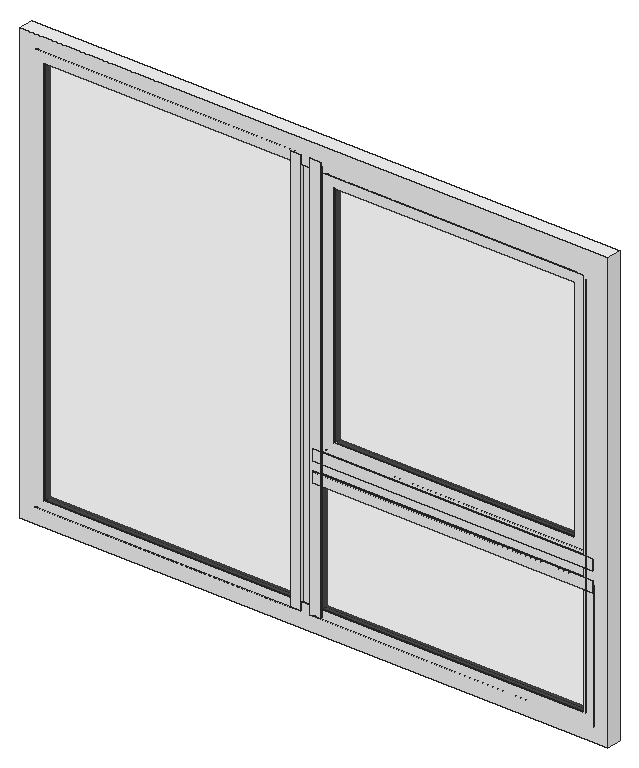
Revit family
Parameters (values of type "TH-PT1209")
  Height = 890 mm
  Head Height = 2125 mm
  Default Sill Height = Head Height - Height  # 1235 mm
  Wall Closure = (empty or 0)
  Width = 1190 mm
Types (5, lengths in mm): name | Height | Default Sill Height | Width
  (no name) | 890 | 1235 | 1190
  TH-PT1209 | 890 | 1235 | 1190
  TH-PT1509 | 890 | 1235 | 1490
  TH-PT1212 | 1190 | 935 | 1190
  TH-PT1512 | 1190 | 935 | 1490
Reference planes
  plane 1 "Center (Front/Back)": y = 0
  plane 2 "Center (Left/Right)": x = 0
  plane 3 "Left": x = -595
  plane 4 "Right": x = 595
  plane 5 "Sill": z = 1235
  plane 6 "Head": z = 2125
  plane 7 "Exterior": y = 100
  plane 8 "Interior": y = -100
  plane 9: y = -30.5
  plane 10: x = 0
  plane 11: z = 1568.15
Forms (mm)
  Sweep 1, solid, material "Default Frame"
    path origin (0, 100, 0) x (1, 0, 0) y (0, 0, 1)
      loop
        line (595, 2125) -> (-595, 2125) -> (-595, 1235) -> (595, 1235) -> (595, 2125)
    profile origin (0, 100, 2125) x (0, 0, -1) y (0, -1, 0)
      loop
        line (0, 115.25) -> (0, 84.75) -> (30.58, 84.75) -> (30.58, 87.464) -> (28.08, 86.021) -> (28.08, 113.85) -> (39.575, 113.85) -> (39.575, 111.85) -> (46.275, 111.85)
        arc (46.275, 111.85) -> (46.875, 111.25) -> (47.475, 111.85) r 0.6
        line (47.475, 111.85) -> (47.475, 115.25) -> (0, 115.25)
  Extrusion 2, solid, material "Glass"
    sketch origin (-45.36, -3.5, 0) x (1, 0, 0) y (0, 0, 1)
      loop
        line (12.14, 2091.8) -> (-516.4, 2091.8) -> (-516.4, 1268.2) -> (12.14, 1268.2) -> (12.14, 2091.8)
    from 0 to 3
  Sweep 3, solid, material "Default Frame"
    path origin (-95.36, -108, -50) x (1, 0, 0) y (0, 0, -1)
      loop
        line (90.74, -2170.4) -> (90.74, -1289.6) -> (-495, -1289.6) -> (-495, -2170.4) -> (90.74, -2170.4)
    profile origin (-297.49, -108, 2120.4) x (0, 0, 1) y (0, 1, 0)
      loop
        line (-25.08, 99.735) -> (-24.578, 94.997)
        arc (-24.578, 94.997) -> (-24.261, 94.736) -> (-23.98, 95.035) r 0.3
        line (-23.98, 95.035) -> (-23.98, 121.263) -> (-25.98, 120.536) -> (-25.98, 122.735) -> (-27.439, 122.735) -> (-40.407, 109.637) -> (-40.407, 108.637) -> (-28.6, 108.637) -> (-28.6, 109.637) -> (-25.08, 109.637) -> (-25.08, 99.735)
  Sweep 4, solid, material "Rubber seal"
    path origin (-95.36, -108, -50) x (1, 0, 0) y (0, 0, -1)
      loop
        line (90.74, -2170.4) -> (90.74, -1289.6) -> (-495, -1289.6) -> (-495, -2170.4) -> (90.74, -2170.4)
    profile origin (-297.49, -108, 2120.4) x (0, 0, 1) y (0, 1, 0)
      loop
        line (-41.398, 108.637) -> (-45.535, 104.5) -> (-35.029, 104.5) -> (-35.029, 108.637) -> (-41.398, 108.637)
      loop
        line (-45.535, 101.5) -> (-42.255, 96.75) -> (-35.029, 96.75) -> (-35.029, 101.5) -> (-45.535, 101.5)
  Extrusion 5, solid, material "Glass"
    sketch origin (0, 0.5, 49.432) x (-1, 0, 0) y (0, 0, -1)
      loop
        line (-22.64, -2019.688) -> (-22.64, -1527.358) -> (-539.12, -1527.358) -> (-539.12, -2019.688) -> (-22.64, -2019.688)
    from 0 to 3
  Sweep 6, solid, material "Default Frame"
    path origin (50, -100, -50) x (-1, 0, 0) y (0, 0, 1)
      loop
        line (33.24, 2125) -> (-495, 2125) -> (-495, 1620.91) -> (33.24, 1620.91) -> (33.24, 2125)
    profile origin (280.88, -100, 2075) x (0, 0, -1) y (0, 1, 0)
      loop
        line (2.36, 95.735) -> (2.36, 105.637) -> (5.88, 105.637) -> (5.88, 104.637) -> (17.687, 104.637) -> (17.687, 105.637) -> (4.719, 118.735) -> (3.26, 118.735) -> (3.26, 116.536) -> (1.26, 117.263) -> (1.26, 91.035)
        arc (1.26, 91.035) -> (1.541, 90.736) -> (1.858, 90.997) r 0.3
        line (1.858, 90.997) -> (2.36, 95.735)
  Sweep 7, solid, material "Default Frame"
    path origin (50, -100, -50) x (-1, 0, 0) y (0, 0, 1)
      loop
        line (33.2, 2125) -> (-495, 2125) -> (-495, 1620.95) -> (33.2, 1620.95) -> (33.2, 2125)
    profile origin (280.9, -100, 2075) x (0, 0, -1) y (0, 1, 0)
      loop
        line (-10.425, 88.75) -> (20.155, 88.75) -> (20.155, 92.15)
        arc (20.155, 92.15) -> (19.555, 92.75) -> (18.955, 92.15) r 0.6
        line (18.955, 92.15) -> (12.255, 92.15) -> (12.255, 90.15) -> (0.76, 90.15) -> (0.76, 117.979) -> (3.26, 116.536) -> (3.26, 119.25) -> (-27.32, 119.25) -> (-27.32, 115.85)
        arc (-27.32, 115.85) -> (-26.72, 115.25) -> (-26.12, 115.85) r 0.6
        line (-26.12, 115.85) -> (-19.42, 115.85) -> (-19.42, 117.85) -> (-7.92, 117.85) -> (-7.92, 90.018) -> (-10.425, 91.464) -> (-10.425, 88.75)
  Sweep 8, solid, material "Rubber seal"
    path origin (50, -100, -50) x (-1, 0, 0) y (0, 0, 1)
      loop
        line (33.24, 2125) -> (-495, 2125) -> (-495, 1620.91) -> (33.24, 1620.91) -> (33.24, 2125)
    profile origin (280.88, -100, 2075) x (0, 0, -1) y (0, 1, 0)
      loop
        line (18.698, 104.637) -> (12.329, 104.637) -> (12.329, 100.5) -> (22.835, 100.5) -> (18.698, 104.637)
      loop
        line (22.835, 97.5) -> (12.329, 97.5) -> (12.329, 92.75) -> (19.555, 92.75) -> (22.835, 97.5)
  Sweep 9, solid, material "Default Frame"
    path origin (395.36, -108.149, -78.58) x (-1, 0, 0) y (0, 0, 1)
      loop
        line (452.58, 1656.71) -> (-223.64, 1656.71) -> (-223.64, 1289.6) -> (452.58, 1289.6) -> (452.58, 1656.71)
    profile origin (280.89, -108.149, 1578.13) x (0, 0, -1) y (0, 1, 0)
      loop
        line (53.66, 99.885) -> (53.66, 109.786) -> (57.18, 109.786) -> (57.18, 108.786) -> (68.987, 108.786) -> (68.987, 109.786) -> (56.019, 122.885) -> (54.56, 122.885) -> (54.56, 120.685) -> (52.56, 121.413) -> (52.56, 95.185)
        arc (52.56, 95.185) -> (52.841, 94.885) -> (53.158, 95.147) r 0.3
        line (53.158, 95.147) -> (53.66, 99.885)
  Sweep 10, solid, material "Rubber seal"
    path origin (395.36, -103.2, -73.6) x (-1, 0, 0) y (0, 0, 1)
      loop
        line (447.58, 1646.73) -> (-218.64, 1646.73) -> (-218.64, 1289.6) -> (447.58, 1289.6) -> (447.58, 1646.73)
    profile origin (280.89, -103.2, 1573.13) x (0, 0, -1) y (0, 1, 0)
      loop
        line (64.998, 103.837) -> (58.629, 103.837) -> (58.629, 99.7) -> (69.135, 99.7) -> (64.998, 103.837)
      loop
        line (69.135, 96.7) -> (58.629, 96.7) -> (58.629, 91.95) -> (65.855, 91.95) -> (69.135, 96.7)
  Extrusion 11, solid, material "Glass"
    sketch origin (529.64, -3.5, -26.772) x (1, 0, 0) y (0, 0, 1)
      loop
        line (32.18, 1547.721) -> (-529.68, 1547.721) -> (-529.68, 1294.972) -> (32.18, 1294.972) -> (32.18, 1547.721)
    from 0 to 3
  Sweep 12, solid, material "Default Frame"
    path origin (10.487, 115.25, -612.47) x (1, 0, 0) y (0, 0, 1)
      loop
        line (553.933, 2175) -> (-13.107, 2175)
    profile origin (280.9, 115.25, 1562.53) x (0, 0, -1) y (0, -1, 0)
      loop
        line (-5.9, 130.5) -> (-5.9, 127.1)
        arc (-5.9, 127.1) -> (-5.3, 126.5) -> (-4.7, 127.1) r 0.6
        line (-4.7, 127.1) -> (2, 127.1) -> (2, 129.1) -> (13.5, 129.1) -> (13.5, 101.276) -> (11, 102.72) -> (11, 100) -> (39, 100) -> (39, 102.72) -> (36.5, 101.276) -> (36.5, 129.1) -> (48, 129.1) -> (48, 127.1) -> (54.7, 127.1)
        arc (54.7, 127.1) -> (55.3, 126.5) -> (55.9, 127.1) r 0.6
        line (55.9, 127.1) -> (55.9, 130.5) -> (34.5, 130.5) -> (34.5, 126.32) -> (15.5, 126.32) -> (15.5, 130.5) -> (-5.9, 130.5)
  Sweep 13, solid, material "Default Frame"
    path origin (-2016.62, 111.07, 1819.513) x (0, 0, -1) y (1, 0, 0)
      loop
        line (553.933, 2025) -> (-274.907, 2025)
    profile origin (8.38, 111.07, 1680) x (-1, 0, 0) y (0, -1, 0)
      loop
        line (-5.9, 126.32) -> (-5.9, 122.92)
        arc (-5.9, 122.92) -> (-5.3, 122.32) -> (-4.7, 122.92) r 0.6
        line (-4.7, 122.92) -> (2, 122.92) -> (2, 124.92) -> (13.5, 124.92) -> (13.5, 97.096) -> (11, 98.54) -> (11, 95.82) -> (39, 95.82) -> (39, 98.54) -> (36.5, 97.096) -> (36.5, 124.92) -> (48, 124.92) -> (48, 122.92) -> (54.7, 122.92)
        arc (54.7, 122.92) -> (55.3, 122.32) -> (55.9, 122.92) r 0.6
        line (55.9, 122.92) -> (55.9, 126.32) -> (34.5, 126.32) -> (34.5, 122.14) -> (15.5, 122.14) -> (15.5, 126.32) -> (-5.9, 126.32)
Lines and regions (mm)
  Opening 1
    outline origin (3500, -100, 0) x (1, 0, 0) y (0, 0, 1)
      loop
        line (-2905, 1235) -> (-2905, 2125) -> (-4095, 2125) -> (-4095, 1235) -> (-2905, 1235)
  symbolic lines, style "Elevation Swing"
    curve 1: line (-10.52, 38.5, 2102.32) -> (280.9, 38.5, 1543.63)
    curve 2: line (280.9, 38.5, 1543.63) -> (572.337, 38.5, 2102.337)
Text (mm)
  text "EXTERIOR" at (-1963.203, 1332.353, 0), in view "Ref. Level"
  text "INTERIOR" at (-1981.466, -818.386, 0), in view "Ref. Level"
  text "Exterior" at (0, 923.751, 2943.296), in view "Right"
  text "Exterior" at (0, 1040.484, 2685.409), in view "Left"
Dimensions and locks
  equal spacing: plane 3 "Left", plane 2 "Center (Left/Right)", plane 4 "Right"
  "Width": plane 3 "Left" to plane 4 "Right"
  "Height": plane 5 "Sill" to plane 6 "Head"
  "Default Sill Height": plane 5 "Sill" to level
  locked: plane 7 "Exterior" to host wall at 0
  locked: plane 8 "Interior" to host wall
  locked: Sweep 3 sketch curve to Sweep 1 at 4.6
  locked: Sweep 1 to Sweep 3 sketch curve at 4.6
  locked: Sweep 4 sketch curve to Sweep 1 at 4.6
  locked: Sweep 1 to Sweep 4 sketch curve at 4.6
  locked: plane 10 to plane 4 "Right" at 595
  locked: Sweep 3 sketch curve to Sweep 1 at 4.64
  Extrusion 2 to plane 10 = 33.22 mm
  Sweep 9 sketch curve to Sweep 1 = 23.98 mm
  locked: Sweep 9 sketch curve to Sweep 1 at 24
  Extrusion 11 to plane 10 = 0.04 mm
  locked: plane 11 to plane 6 "Head" at 556.85
  plane 11 to Extrusion 11 = 47.2 mm
  plane 11 to Extrusion 5 = 8.64 mm
  locked: Sweep 6 sketch curve to Sweep 7 at 3.3
  locked: Sweep 7 to Sweep 6 sketch curve at 3.3
  locked: Sweep 8 sketch curve to Sweep 7 at 3.3  (x2)
  locked: Sweep 13 to Sweep 9 sketch curve at 54.6
  locked: Sweep 12 to Sweep 9 sketch curve at 54.6
  locked: Sweep 10 sketch curve to Sweep 1 at 19
  Sweep 13 to Sweep 10 sketch curve = 49.6 mm
  Sweep 12 to Sweep 10 sketch curve = 49.6 mm
  locked: Sweep 13 to Sweep 3 sketch curve at 26
  locked: Sweep 13 to Sweep 4 sketch curve at 26
  aligned and locked: curve 1 to Sweep 7
Automatic sketch dimensions
  Opening 1 sketch curve to plane 3 "Left" = 0 mm
  Opening 1 sketch curve to plane 4 "Right" = 0 mm
  Opening 1 sketch curve to plane 5 "Sill" = 0 mm
  Opening 1 sketch curve to plane 6 "Head" = 0 mm
  Sweep 1 sketch curve to plane 3 "Left" = 0 mm
  Sweep 1 sketch curve to plane 4 "Right" = 0 mm
  Sweep 1 sketch curve to plane 5 "Sill" = 0 mm
  Sweep 1 sketch curve to plane 6 "Head" = 0 mm
  Sweep 1 sketch curve to profile plane = 0 mm
  Sweep 1 sketch curve to profile plane = 28.08 mm
  Sweep 1 sketch curve to Sweep 1 sketch curve = 2.5 mm
  Sweep 1 sketch curve to Sweep 1 sketch curve = 11.495 mm
  Sweep 1 sketch curve to Sweep 1 sketch curve = 6.7 mm
  Sweep 1 sketch curve to Sweep 1 sketch curve = 0.6 mm
  profile plane to Sweep 1 sketch curve = 84.75 mm
  Sweep 1 sketch curve to Sweep 1 sketch curve = 1.271 mm
  Sweep 1 sketch curve to Sweep 1 sketch curve = 2.714 mm
  Sweep 1 sketch curve to Sweep 1 sketch curve = 24.386 mm
  Sweep 1 sketch curve to Sweep 1 sketch curve = 2 mm
  Sweep 1 sketch curve to Sweep 1 sketch curve = 3.4 mm
  Extrusion 2 sketch curve to plane 3 "Left" = 33.24 mm
  Extrusion 2 sketch curve to plane 10 = 33.22 mm
  Extrusion 2 sketch curve to plane 5 "Sill" = 33.2 mm
  plane 6 "Head" to Extrusion 2 sketch curve = 33.2 mm
  profile plane to Sweep 3 sketch curve = 40.407 mm
  Sweep 3 sketch curve to Sweep 3 sketch curve = 11.806 mm
  Sweep 3 sketch curve to Sweep 3 sketch curve = 1.161 mm
  Sweep 3 sketch curve to Sweep 3 sketch curve = 1.459 mm
  Sweep 3 sketch curve to Sweep 3 sketch curve = 3.52 mm
  Sweep 3 sketch curve to Sweep 3 sketch curve = 0.502 mm
  Sweep 3 sketch curve to Sweep 3 sketch curve = 0.298 mm
  Sweep 3 sketch curve to Sweep 3 sketch curve = 0.3 mm
  profile plane to Sweep 3 sketch curve = 94.997 mm
  Sweep 3 sketch curve to Sweep 3 sketch curve = 4.738 mm
  Sweep 3 sketch curve to Sweep 3 sketch curve = 8.902 mm
  Sweep 3 sketch curve to Sweep 3 sketch curve = 1 mm  (x2)
  Sweep 3 sketch curve to Sweep 3 sketch curve = 10.899 mm
  Sweep 3 sketch curve to Sweep 3 sketch curve = 0.728 mm
  Sweep 3 sketch curve to Sweep 3 sketch curve = 2.2 mm
  Sweep 4 sketch curve to plane 3 "Left" = 4.64 mm
  profile plane to Sweep 4 sketch curve = 45.535 mm
  Sweep 4 sketch curve to Sweep 4 sketch curve = 0 mm
  Sweep 4 sketch curve to Sweep 4 sketch curve = 3.28 mm
  Sweep 4 sketch curve to Sweep 4 sketch curve = 4.137 mm  (x2)
  Sweep 4 sketch curve to Sweep 4 sketch curve = 6.37 mm
  Sweep 4 sketch curve to Sweep 4 sketch curve = 7.226 mm
  profile plane to Sweep 4 sketch curve = 96.75 mm
  Sweep 4 sketch curve to Sweep 4 sketch curve = 4.75 mm
  Sweep 4 sketch curve to Sweep 4 sketch curve = 3 mm
  plane 4 "Right" to Extrusion 5 sketch curve = 55.88 mm
  plane 10 to Extrusion 5 sketch curve = 22.64 mm
  plane 6 "Head" to Extrusion 5 sketch curve = 55.88 mm
  plane 11 to Extrusion 5 sketch curve = 8.64 mm
  plane 4 "Right" to Sweep 6 sketch curve = 50 mm
  plane 6 "Head" to Sweep 6 sketch curve = 50 mm
  Sweep 6 sketch curve to profile plane = 1.26 mm
  Sweep 6 sketch curve to Sweep 6 sketch curve = 0.3 mm
  Sweep 6 sketch curve to Sweep 6 sketch curve = 0.298 mm
  Sweep 6 sketch curve to profile plane = 2.36 mm
  Sweep 6 sketch curve to Sweep 6 sketch curve = 2 mm
  Sweep 6 sketch curve to Sweep 6 sketch curve = 1.459 mm
  Sweep 6 sketch curve to Sweep 6 sketch curve = 3.52 mm
  Sweep 6 sketch curve to Sweep 6 sketch curve = 11.806 mm
  profile plane to Sweep 6 sketch curve = 90.997 mm
  Sweep 6 sketch curve to Sweep 6 sketch curve = 4.738 mm
  Sweep 6 sketch curve to Sweep 6 sketch curve = 8.902 mm
  Sweep 6 sketch curve to Sweep 6 sketch curve = 1 mm  (x2)
  Sweep 6 sketch curve to Sweep 6 sketch curve = 10.899 mm
  Sweep 6 sketch curve to Sweep 6 sketch curve = 0.728 mm
  Sweep 6 sketch curve to Sweep 6 sketch curve = 2.2 mm
  plane 4 "Right" to Sweep 7 sketch curve = 50 mm
  plane 11 to Sweep 7 sketch curve = 2.8 mm
  plane 10 to Sweep 7 sketch curve = 16.8 mm
  plane 6 "Head" to Sweep 7 sketch curve = 50 mm
  profile plane to Sweep 7 sketch curve = 27.32 mm
  Sweep 7 sketch curve to Sweep 7 sketch curve = 0.6 mm  (x2)
  Sweep 7 sketch curve to Sweep 7 sketch curve = 6.7 mm  (x2)
  profile plane to Sweep 7 sketch curve = 10.425 mm
  Sweep 7 sketch curve to Sweep 7 sketch curve = 2.505 mm
  Sweep 7 sketch curve to profile plane = 0.76 mm
  Sweep 7 sketch curve to Sweep 7 sketch curve = 2.5 mm
  Sweep 7 sketch curve to Sweep 7 sketch curve = 11.495 mm
  profile plane to Sweep 7 sketch curve = 88.75 mm
  Sweep 7 sketch curve to Sweep 7 sketch curve = 1.268 mm
  Sweep 7 sketch curve to Sweep 7 sketch curve = 1.4 mm
  Sweep 7 sketch curve to Sweep 7 sketch curve = 2.714 mm  (x2)
  Sweep 7 sketch curve to Sweep 7 sketch curve = 3.4 mm
  Sweep 7 sketch curve to Sweep 7 sketch curve = 24.386 mm
  Sweep 7 sketch curve to Sweep 7 sketch curve = 0.686 mm
  Sweep 7 sketch curve to Sweep 7 sketch curve = 2 mm
  Sweep 7 sketch curve to Sweep 7 sketch curve = 1.443 mm
  plane 4 "Right" to Sweep 8 sketch curve = 50 mm
  plane 6 "Head" to Sweep 8 sketch curve = 50 mm
  Sweep 8 sketch curve to profile plane = 12.329 mm
  Sweep 8 sketch curve to Sweep 8 sketch curve = 0 mm  (x2)
  Sweep 8 sketch curve to Sweep 8 sketch curve = 6.37 mm
  Sweep 8 sketch curve to Sweep 8 sketch curve = 7.226 mm
  Sweep 8 sketch curve to Sweep 8 sketch curve = 4.137 mm  (x2)
  profile plane to Sweep 8 sketch curve = 92.75 mm
  Sweep 8 sketch curve to Sweep 8 sketch curve = 4.75 mm
  Sweep 8 sketch curve to Sweep 8 sketch curve = 3 mm
  Sweep 9 sketch curve to profile plane = 52.56 mm
  Sweep 9 sketch curve to Sweep 9 sketch curve = 0.3 mm
  Sweep 9 sketch curve to Sweep 9 sketch curve = 0.298 mm
  Sweep 9 sketch curve to Sweep 9 sketch curve = 0.502 mm
  Sweep 9 sketch curve to Sweep 9 sketch curve = 2 mm
  Sweep 9 sketch curve to Sweep 9 sketch curve = 1.459 mm
  Sweep 9 sketch curve to Sweep 9 sketch curve = 3.52 mm
  Sweep 9 sketch curve to Sweep 9 sketch curve = 11.806 mm
  profile plane to Sweep 9 sketch curve = 95.147 mm
  Sweep 9 sketch curve to Sweep 9 sketch curve = 4.738 mm
  Sweep 9 sketch curve to Sweep 9 sketch curve = 8.902 mm
  Sweep 9 sketch curve to Sweep 9 sketch curve = 1 mm  (x2)
  Sweep 9 sketch curve to Sweep 9 sketch curve = 10.899 mm
  Sweep 9 sketch curve to Sweep 9 sketch curve = 0.728 mm
  Sweep 9 sketch curve to Sweep 9 sketch curve = 2.2 mm
  plane 5 "Sill" to Sweep 10 sketch curve = 19 mm
  Sweep 10 sketch curve to profile plane = 58.629 mm
  Sweep 10 sketch curve to Sweep 10 sketch curve = 0 mm  (x2)
  Sweep 10 sketch curve to Sweep 10 sketch curve = 6.37 mm
  Sweep 10 sketch curve to Sweep 10 sketch curve = 7.226 mm
  Sweep 10 sketch curve to Sweep 10 sketch curve = 4.137 mm  (x2)
  profile plane to Sweep 10 sketch curve = 91.95 mm
  Sweep 10 sketch curve to Sweep 10 sketch curve = 4.75 mm
  Sweep 10 sketch curve to Sweep 10 sketch curve = 3 mm
  Extrusion 11 sketch curve to plane 10 = 0.04 mm
  plane 4 "Right" to Extrusion 11 sketch curve = 33.18 mm
  Extrusion 11 sketch curve to plane 5 "Sill" = 33.2 mm
  Extrusion 11 sketch curve to plane 11 = 47.2 mm
  profile plane to Sweep 12 sketch curve = 5.9 mm
  Sweep 12 sketch curve to Sweep 12 sketch curve = 0.6 mm  (x2)
  Sweep 12 sketch curve to profile plane = 2 mm
  Sweep 12 sketch curve to profile plane = 11 mm
  Sweep 12 sketch curve to Sweep 12 sketch curve = 2.5 mm  (x2)
  Sweep 12 sketch curve to Sweep 12 sketch curve = 2 mm  (x4)
  Sweep 12 sketch curve to Sweep 12 sketch curve = 19 mm
  Sweep 12 sketch curve to Sweep 12 sketch curve = 11.5 mm
  Sweep 12 sketch curve to Sweep 12 sketch curve = 6.7 mm
  profile plane to Sweep 12 sketch curve = 100 mm
  Sweep 12 sketch curve to Sweep 12 sketch curve = 1.276 mm  (x2)
  Sweep 12 sketch curve to Sweep 12 sketch curve = 2.72 mm  (x2)
  Sweep 12 sketch curve to Sweep 12 sketch curve = 23.6 mm
  Sweep 12 sketch curve to Sweep 12 sketch curve = 0.78 mm  (x2)
  Sweep 12 sketch curve to Sweep 12 sketch curve = 3.4 mm  (x2)
  plane 10 to Sweep 13 sketch curve = 8.38 mm
  plane 6 "Head" to Sweep 13 sketch curve = 30.58 mm
  Sweep 13 sketch curve to plane 5 "Sill" = 30.58 mm
  profile plane to Sweep 13 sketch curve = 5.9 mm
  Sweep 13 sketch curve to Sweep 13 sketch curve = 0.6 mm  (x2)
  Sweep 13 sketch curve to profile plane = 2 mm
  Sweep 13 sketch curve to profile plane = 11 mm
  Sweep 13 sketch curve to Sweep 13 sketch curve = 2.5 mm  (x2)
  Sweep 13 sketch curve to Sweep 13 sketch curve = 2 mm  (x4)
  Sweep 13 sketch curve to Sweep 13 sketch curve = 19 mm
  Sweep 13 sketch curve to Sweep 13 sketch curve = 11.5 mm
  Sweep 13 sketch curve to Sweep 13 sketch curve = 6.7 mm
  profile plane to Sweep 13 sketch curve = 95.82 mm
  Sweep 13 sketch curve to Sweep 13 sketch curve = 1.276 mm  (x2)
  Sweep 13 sketch curve to Sweep 13 sketch curve = 2.72 mm  (x2)
  Sweep 13 sketch curve to Sweep 13 sketch curve = 23.6 mm
  Sweep 13 sketch curve to Sweep 13 sketch curve = 0.78 mm  (x2)
  Sweep 13 sketch curve to Sweep 13 sketch curve = 3.4 mm  (x2)
  Sweep 12 sketch curve to plane 11 = 5.62 mm
  Sweep 12 sketch curve to plane 10 = 2.62 mm
  plane 4 "Right" to Sweep 12 sketch curve = 30.58 mm
  plane 4 "Right" to curve 2 = 22.663 mm
  curve 2 to plane 11 = 24.52 mm
  plane 10 to curve 2 = 280.9 mm
  curve 1 to plane 10 = 10.52 mm
  plane 6 "Head" to curve 2 = 22.663 mm
